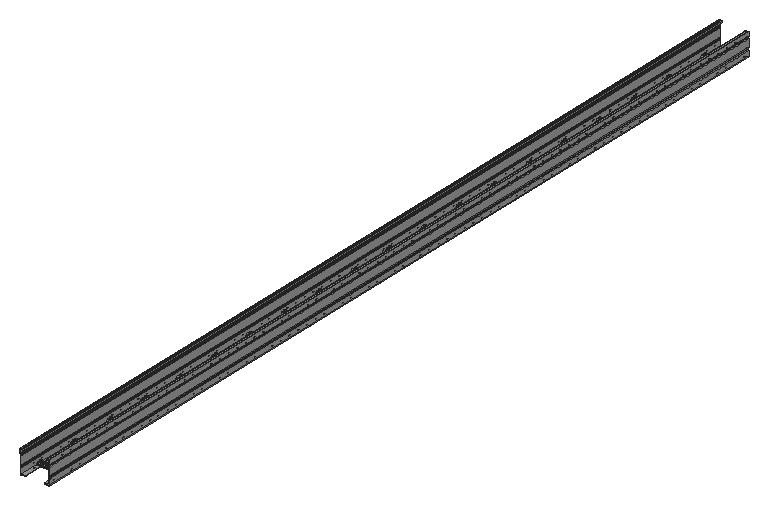
Revit family "Weitspannkabelleiter WKLG1620 FT,FS FT SO A4.23.08", category Generic Models, Revit 2017
Family settings
  Can host rebar = No
  Round Connector Dimension = Use Diameter
  Part Type = Normal
  Work Plane-Based = No
  Always vertical = Yes
  Cut with Voids When Loaded = No
  Shared = No
  Room Calculation Point = No
Parameters (values of type "WKLG 1620 FT SO")
  Width/2 = 200 mm / 2  # 100 mm
  Width = 200 mm
  URL = "http://www.obo-bettermann.com"
  Material = Hot-dip galvanised 85 µm
  Manufacturer Art.No. = "7189040"
  Manufacturer = "OBO Bettermann"
  Length = 6000 mm
  Height = 160 mm
  GTIN = "4012195888529"
  Cut's space 3 = 1500 mm
  Cut's space 2 = 300 mm
  Cut's space = 75 mm
  Cut's number 3 = Length / Cut's space 3  # 4
  Cut's number 2 = Length / Cut's space 2  # 20
  Cut's number = Length / Cut's space  # 80
  Article Type = "WKLG 1620 FT SO"
Reference planes
  plane 1 "Center (Front/Back)": y = 0
  plane 2: z = 0
  plane 3 "Center (Left/Right)": x = 0
  plane 4: z = 52
  plane 5: z = 160
  plane 6: z = 122
  plane 7: z = 116
  plane 8: z = 128
  plane 9: z = 150
  plane 10: z = 122
  plane 11: z = 128
  plane 12: z = 116
  plane 13: z = 58.86
  plane 14: z = 52
  plane 15: z = 43.021
  plane 16: z = 150
  plane 17: y = 37.5
  plane 18: z = 20
  plane 19: z = 139.856
  plane 20: z = 159.856
  plane 21: z = 135.356
  plane 22: y = 5850
  plane 23: y = 5550
  plane 24: y = 150
  plane 25: y = 450
  plane 26: z = 18
  plane 27: z = 4.03
  plane 28: z = 18
  plane 29: z = 4.03
  plane 30: y = 100.291
  plane 31: y = 150.291
  plane 32: x = -82
  plane 33: x = -82
  plane 34: x = -84.5
  plane 35: x = -84.5
  plane 36: y = 102.773
  plane 37: y = 97.809
  plane 38: x = -79.5
  plane 39: y = 200.291
  plane 40: x = -84.5
  plane 41: x = -84.5
  plane 42: x = -84.5
  plane 43: x = -84.5
  plane 44: x = -84.5
  plane 45: x = -84.5
  plane 46: x = -84.5
  plane 47: x = -84.5
  plane 48: x = -84.5
  plane 49: x = -84.5
  plane 50: x = -84.5
  plane 51: x = -84.5
  plane 52: x = -84.5
  plane 53: x = -84.5
  plane 54: x = -84.5
  plane 55: x = -84.5
  plane 56: x = -84.5
  plane 57: x = -84.5
  plane 58: x = -84.5
  plane 59: x = -82
  plane 60: x = -84.5
  plane 61: x = -84.5
  plane 62: x = -84.5
  plane 63: x = -84.5
  plane 64: x = -84.5
  plane 65: x = -84.5
  plane 66: x = -84.5
  plane 67: x = -84.5
  plane 68: x = -84.5
  plane 69: x = -84.5
  plane 70: x = -84.5
  plane 71: x = -84.5
  plane 72: x = -84.5
  plane 73: x = -84.5
  plane 74: x = -84.5
  plane 75: x = -84.5
  plane 76: x = -84.5
  plane 77: x = -84.5
  plane 78: x = -84.5
  plane 79: x = -84.5
  plane 80: x = 82
  plane 81: x = 82
  plane 82: x = -87.5
  plane 83: y = 150.291
  plane 84: y = 150.291
  plane 85: y = 149.896
  plane 86: x = 87.5
  plane 87: x = 84.75
  plane 88: x = 41.516
  plane 89: x = 57.5
  plane 90: x = -87.5
  plane 91: y = 149.896
  plane 92: x = -57.5
  plane 93: x = -84.7
  plane 94: through (-60.898, 150, 1200) normal (-0.9962, 0.0872, 0)
  plane 95: z = 18
  plane 96: z = 4.03
  plane 97: y = 450
  plane 98: z = 18
  plane 99: z = 4.03
  plane 100: y = 449.896
  plane 101: x = 87.5
  plane 102: x = 57.5
  plane 103: y = 449.896
  plane 104: x = -57.5
  plane 105: y = 750
  plane 106: z = 18
  plane 107: z = 4.03
  plane 108: y = 749.896
  plane 109: x = 87.5
  plane 110: x = 57.5
  plane 111: y = 749.896
  plane 112: x = -57.5
  plane 113: y = 1050
  plane 114: z = 18
  plane 115: z = 4.03
  plane 116: y = 1049.896
  plane 117: x = 87.5
  plane 118: x = 57.5
  plane 119: y = 1049.896
  plane 120: x = -57.5
  plane 121: y = 1350
  plane 122: z = 18
  plane 123: z = 4.03
  plane 124: y = 1349.896
  plane 125: x = 87.5
  plane 126: x = 57.5
  plane 127: y = 1349.896
  plane 128: x = -57.5
  plane 129: y = 1650
  plane 130: z = 18
  plane 131: z = 4.03
  plane 132: y = 1649.896
  plane 133: x = 87.5
  plane 134: x = 57.5
  plane 135: y = 1649.896
  plane 136: x = -57.5
  plane 137: y = 1950
  plane 138: z = 18
  plane 139: z = 4.03
  plane 140: y = 1949.896
  plane 141: x = 87.5
  plane 142: x = 57.5
  plane 143: y = 1949.896
  plane 144: x = -57.5
  plane 145: y = 2250
  plane 146: z = 18
  plane 147: z = 4.03
  plane 148: y = 2249.896
  plane 149: x = 87.5
  plane 150: x = 57.5
  plane 151: y = 2249.896
  plane 152: x = -57.5
  plane 153: y = 2550
  plane 154: z = 18
  plane 155: z = 4.03
  plane 156: y = 2549.896
  plane 157: x = 87.5
  plane 158: x = 57.5
  plane 159: y = 2549.896
  plane 160: x = -57.5
  plane 161: y = 2850
  plane 162: z = 18
  plane 163: z = 4.03
  plane 164: y = 2849.896
  plane 165: x = 87.5
  plane 166: x = 57.5
  plane 167: y = 2849.896
  plane 168: x = -57.5
  plane 169: y = 3150
  plane 170: z = 18
  plane 171: z = 4.03
  plane 172: y = 3149.896
  plane 173: x = 87.5
  plane 174: x = 57.5
  plane 175: y = 3149.896
  plane 176: x = -57.5
  plane 177: y = 3450
  plane 178: z = 18
  plane 179: z = 4.03
  plane 180: y = 3449.896
  plane 181: x = 87.5
  plane 182: x = 57.5
  plane 183: y = 3449.896
  plane 184: x = -57.5
  plane 185: y = 3750
  plane 186: z = 18
  plane 187: z = 4.03
  plane 188: y = 3749.896
  plane 189: x = 87.5
  plane 190: x = 57.5
  plane 191: y = 3749.896
  plane 192: x = -57.5
  plane 193: y = 4050
  plane 194: z = 18
  plane 195: z = 4.03
  plane 196: y = 4049.896
  plane 197: x = 87.5
  plane 198: x = 57.5
  plane 199: y = 4049.896
  plane 200: x = -57.5
  plane 201: y = 4350
  plane 202: z = 18
  plane 203: z = 4.03
  plane 204: y = 4349.896
  plane 205: x = 87.5
  plane 206: x = 57.5
  plane 207: y = 4349.896
  plane 208: x = -57.5
  plane 209: y = 4650
  plane 210: z = 18
  plane 211: z = 4.03
  plane 212: y = 4649.896
  plane 213: x = 87.5
  plane 214: x = 57.5
  plane 215: y = 4649.896
  plane 216: x = -57.5
  plane 217: y = 4950
  plane 218: z = 18
  plane 219: z = 4.03
  plane 220: y = 4949.896
  plane 221: x = 87.5
  plane 222: x = 57.5
  plane 223: y = 4949.896
  plane 224: x = -57.5
  plane 225: y = 5250
  plane 226: z = 18
  plane 227: z = 4.03
  plane 228: y = 5249.896
  plane 229: x = 87.5
  plane 230: x = 57.5
  plane 231: y = 5249.896
  plane 232: x = -57.5
  plane 233: y = 5550
  plane 234: z = 18
  plane 235: z = 4.03
  plane 236: y = 5549.896
  plane 237: x = 87.5
  plane 238: x = 57.5
  plane 239: y = 5549.896
  plane 240: x = -57.5
  plane 241: y = 5850
  plane 242: z = 18
  plane 243: z = 4.03
  plane 244: y = 5849.896
  plane 245: x = 87.5
  plane 246: x = 57.5
  plane 247: y = 5849.896
  plane 248: x = -57.5
  plane 249: x = 99.732
  plane 250: x = 86.232
  plane 251: y = 1000.291
  plane 252: y = 1011.291
  plane 253: y = 489.291
  plane 254: y = 500.291
  plane 255: y = 494.522
  plane 256: through (-84.258, 999.219, 1200) normal (-0.4288, 0.9034, 0)
  plane 257: through (-95.865, 1008.212, 1200) normal (-0.3907, 0.9205, 0)
  plane 258: through (66.393, 480.272, 1200) normal (-0.4242, 0.9056, 0)
  plane 259: through (80, 498.791, 1200) normal (-0.4242, 0.9056, 0)
  plane 260: through (67.531, 486.014, 1200) normal (-0.4695, 0.8829, 0)
  plane 261: y = 2070.793
  plane 262: x = 99.732
  plane 263: x = 86.232
  plane 264: y = 2504.764
  plane 265: y = 2515.764
  plane 266: y = 1993.764
  plane 267: y = 2004.764
  plane 268: y = 1998.995
  plane 269: x = 99.732
  plane 270: x = 86.232
  plane 271: y = 4009.237
  plane 272: y = 4020.237
  plane 273: y = 3498.237
  plane 274: y = 3509.237
  plane 275: y = 3503.468
  plane 276: x = 99.732
  plane 277: x = 86.232
  plane 278: y = 5513.71
  plane 279: y = 5524.71
  plane 280: y = 5002.71
  plane 281: y = 5013.71
  plane 282: y = 5007.941
  plane 283: through (-84.258, 2499.219, 1200) normal (-0.4288, 0.9034, 0)
  plane 284: through (-95.865, 2508.212, 1200) normal (-0.3907, 0.9205, 0)
  plane 285: through (66.393, 1980.272, 1200) normal (-0.4242, 0.9056, 0)
  plane 286: through (80, 1998.791, 1200) normal (-0.4242, 0.9056, 0)
  plane 287: through (67.531, 1986.014, 1200) normal (-0.4695, 0.8829, 0)
  plane 288: through (-84.258, 3999.219, 1200) normal (-0.4288, 0.9034, 0)
  plane 289: through (-95.865, 4008.212, 1200) normal (-0.3907, 0.9205, 0)
  plane 290: through (66.393, 3480.272, 1200) normal (-0.4242, 0.9056, 0)
  plane 291: through (80, 3498.791, 1200) normal (-0.4242, 0.9056, 0)
  plane 292: through (67.531, 3486.014, 1200) normal (-0.4695, 0.8829, 0)
  plane 293: through (-84.258, 5499.219, 1200) normal (-0.4288, 0.9034, 0)
  plane 294: through (-95.865, 5508.212, 1200) normal (-0.3907, 0.9205, 0)
  plane 295: through (66.393, 4980.272, 1200) normal (-0.4242, 0.9056, 0)
  plane 296: through (80, 4998.791, 1200) normal (-0.4242, 0.9056, 0)
  plane 297: through (67.531, 4986.014, 1200) normal (-0.4695, 0.8829, 0)
Forms (mm)
  Extrusion 1, solid, material "Hot-dip galvanised 85 µm" <- "Material"
    sketch origin (0, 0, 0) x (1, 0, 0) y (0, 0, 1)
      loop
        line (97.5, 160) -> (82.5, 160)
        arc (82.5, 160) -> (80.732, 159.268) -> (80, 157.5) r 2.5
        line (80, 157.5) -> (80, 150) -> (82, 150) -> (82, 157.5)
        arc (82, 157.5) -> (82.146, 157.854) -> (82.5, 158) r 0.5
        line (82.5, 158) -> (96.5, 158)
        arc (96.5, 158) -> (97.561, 157.561) -> (98, 156.5) r 1.5
        line (98, 156.5) -> (98, 129.38)
        arc (98, 129.38) -> (97.932, 128.862) -> (97.732, 128.38) r 2
        line (97.732, 128.38) -> (95.247, 124.076)
        arc (95.247, 124.076) -> (94.793, 121.794) -> (95.823, 119.707) r 3.619
        line (95.823, 119.707) -> (97.561, 117.969)
        arc (97.561, 117.969) -> (97.886, 117.482) -> (98, 116.908) r 1.5
        line (98, 116.908) -> (98, 59.333)
        arc (98, 59.333) -> (97.931, 58.882) -> (97.729, 58.472) r 1.5
        line (97.729, 58.472) -> (95.664, 55.524)
        arc (95.664, 55.524) -> (94.411, 51.927) -> (95.226, 48.207) r 7
        line (95.226, 48.207) -> (97.586, 43.795)
        arc (97.586, 43.795) -> (97.895, 42.995) -> (98, 42.144) r 3.5
        line (98, 42.144) -> (98, 3.5)
        arc (98, 3.5) -> (97.561, 2.439) -> (96.5, 2) r 1.5
        line (96.5, 2) -> (65, 2) -> (65, 0) -> (97, 0)
        arc (97, 0) -> (99.121, 0.879) -> (100, 3) r 3
        line (100, 3) -> (100, 42.896)
        arc (100, 42.896) -> (99.925, 43.504) -> (99.704, 44.075) r 2.5
        line (99.704, 44.075) -> (96.989, 49.15)
        arc (96.989, 49.15) -> (96.407, 51.808) -> (97.302, 54.377) r 5
        line (97.302, 54.377) -> (99.367, 57.325)
        arc (99.367, 57.325) -> (99.838, 58.28) -> (100, 59.333) r 3.5
        line (100, 59.333) -> (100, 116.908)
        arc (100, 116.908) -> (99.734, 118.248) -> (98.975, 119.383) r 3.5
        line (98.975, 119.383) -> (97.237, 121.121)
        arc (97.237, 121.121) -> (96.776, 122.055) -> (96.979, 123.076) r 1.619
        line (96.979, 123.076) -> (99.464, 127.38)
        arc (99.464, 127.38) -> (99.864, 128.344) -> (100, 129.38) r 4
        line (100, 129.38) -> (100, 157.5)
        arc (100, 157.5) -> (99.268, 159.268) -> (97.5, 160) r 2.5
      loop
        arc (-98, 156.5) -> (-97.561, 157.561) -> (-96.5, 158) r 1.5
        line (-96.5, 158) -> (-82.5, 158)
        arc (-82.5, 158) -> (-82.146, 157.854) -> (-82, 157.5) r 0.5
        line (-82, 157.5) -> (-82, 150) -> (-80, 150) -> (-80, 157.5)
        arc (-80, 157.5) -> (-80.732, 159.268) -> (-82.5, 160) r 2.5
        line (-82.5, 160) -> (-97.5, 160)
        arc (-97.5, 160) -> (-99.268, 159.268) -> (-100, 157.5) r 2.5
        line (-100, 157.5) -> (-100, 129.154)
        arc (-100, 129.154) -> (-99.905, 128.288) -> (-99.625, 127.463) r 4
        line (-99.625, 127.463) -> (-97.476, 122.853)
        arc (-97.476, 122.853) -> (-97.327, 122.107) -> (-97.54, 121.377) r 1.6
        line (-97.54, 121.377) -> (-98.255, 120.138)
        arc (-98.255, 120.138) -> (-99.183, 117.897) -> (-99.5, 115.493) r 9.291
        line (-99.5, 115.493) -> (-99.5, 59.834)
        arc (-99.5, 59.834) -> (-99.381, 58.928) -> (-99.031, 58.084) r 3.5
        line (-99.031, 58.084) -> (-96.881, 54.36)
        arc (-96.881, 54.36) -> (-96.22, 52.16) -> (-96.614, 49.896) r 5
        line (-96.614, 49.896) -> (-99.299, 43.611)
        arc (-99.299, 43.611) -> (-99.449, 43.13) -> (-99.5, 42.628) r 2.5
        line (-99.5, 42.628) -> (-99.5, 3)
        arc (-99.5, 3) -> (-98.621, 0.879) -> (-96.5, 0) r 3
        line (-96.5, 0) -> (-64.5, 0) -> (-64.5, 2) -> (-96, 2)
        arc (-96, 2) -> (-97.061, 2.439) -> (-97.5, 3.5) r 1.5
        line (-97.5, 3.5) -> (-97.5, 42.014)
        arc (-97.5, 42.014) -> (-97.429, 42.716) -> (-97.219, 43.39) r 3.5
        line (-97.219, 43.39) -> (-94.915, 48.781)
        arc (-94.915, 48.781) -> (-94.364, 51.951) -> (-95.29, 55.031) r 7
        line (-95.29, 55.031) -> (-97.299, 58.512)
        arc (-97.299, 58.512) -> (-97.449, 58.873) -> (-97.5, 59.262) r 1.5
        line (-97.5, 59.262) -> (-97.5, 115.493)
        arc (-97.5, 115.493) -> (-97.252, 117.38) -> (-96.523, 119.138) r 7.291
        line (-96.523, 119.138) -> (-95.808, 120.377)
        arc (-95.808, 120.377) -> (-95.329, 122.02) -> (-95.663, 123.698) r 3.6
        line (-95.663, 123.698) -> (-97.813, 128.308)
        arc (-97.813, 128.308) -> (-97.953, 128.721) -> (-98, 129.154) r 2
        line (-98, 129.154) -> (-98, 156.5)
    from -6000 to 0
  Extrusion 2, void
    sketch origin (0, 0, 0) x (0, 1, 0) y (0, 0, 1)
      loop
        arc (25.938, 24.5) -> (25.275, 24.225) -> (25, 23.562) r 0.938
        line (25, 23.562) -> (25, 16.438)
        arc (25, 16.438) -> (25.275, 15.775) -> (25.938, 15.5) r 0.938
        line (25.938, 15.5) -> (49.5, 15.5)
        arc (49.5, 15.5) -> (49.854, 15.646) -> (50, 16) r 0.5
        line (50, 16) -> (50, 24)
        arc (50, 24) -> (49.854, 24.354) -> (49.5, 24.5) r 0.5
        line (49.5, 24.5) -> (25.938, 24.5)
    from 98 to 100
  Extrusion 3, void
    sketch origin (0, 75, 0) x (0, 1, 0) y (0, 0, 1)
      loop
        arc (25.938, 24.5) -> (25.275, 24.225) -> (25, 23.562) r 0.938
        line (25, 23.562) -> (25, 16.438)
        arc (25, 16.438) -> (25.275, 15.775) -> (25.938, 15.5) r 0.938
        line (25.938, 15.5) -> (49.5, 15.5)
        arc (49.5, 15.5) -> (49.854, 15.646) -> (50, 16) r 0.5
        line (50, 16) -> (50, 24)
        arc (50, 24) -> (49.854, 24.354) -> (49.5, 24.5) r 0.5
        line (49.5, 24.5) -> (25.938, 24.5)
    from 98 to 100
  Extrusion 4, void
    sketch origin (0, 150, 0) x (0, 1, 0) y (0, 0, 1)
      loop
        arc (25.938, 24.5) -> (25.275, 24.225) -> (25, 23.562) r 0.938
        line (25, 23.562) -> (25, 16.438)
        arc (25, 16.438) -> (25.275, 15.775) -> (25.938, 15.5) r 0.938
        line (25.938, 15.5) -> (49.5, 15.5)
        arc (49.5, 15.5) -> (49.854, 15.646) -> (50, 16) r 0.5
        line (50, 16) -> (50, 24)
        arc (50, 24) -> (49.854, 24.354) -> (49.5, 24.5) r 0.5
        line (49.5, 24.5) -> (25.938, 24.5)
    from 98 to 100
  Extrusion 5, void
    sketch origin (0, 225, 0) x (0, 1, 0) y (0, 0, 1)
      loop
        arc (25.938, 24.5) -> (25.275, 24.225) -> (25, 23.562) r 0.938
        line (25, 23.562) -> (25, 16.438)
        arc (25, 16.438) -> (25.275, 15.775) -> (25.938, 15.5) r 0.938
        line (25.938, 15.5) -> (49.5, 15.5)
        arc (49.5, 15.5) -> (49.854, 15.646) -> (50, 16) r 0.5
        line (50, 16) -> (50, 24)
        arc (50, 24) -> (49.854, 24.354) -> (49.5, 24.5) r 0.5
        line (49.5, 24.5) -> (25.938, 24.5)
    from 98 to 100
  Extrusion 6, void
    sketch origin (0, 300, 0) x (0, 1, 0) y (0, 0, 1)
      loop
        arc (25.938, 24.5) -> (25.275, 24.225) -> (25, 23.562) r 0.938
        line (25, 23.562) -> (25, 16.438)
        arc (25, 16.438) -> (25.275, 15.775) -> (25.938, 15.5) r 0.938
        line (25.938, 15.5) -> (49.5, 15.5)
        arc (49.5, 15.5) -> (49.854, 15.646) -> (50, 16) r 0.5
        line (50, 16) -> (50, 24)
        arc (50, 24) -> (49.854, 24.354) -> (49.5, 24.5) r 0.5
        line (49.5, 24.5) -> (25.938, 24.5)
    from 98 to 100
  Extrusion 7, void
    sketch origin (0, 375, 0) x (0, 1, 0) y (0, 0, 1)
      loop
        arc (25.938, 24.5) -> (25.275, 24.225) -> (25, 23.562) r 0.938
        line (25, 23.562) -> (25, 16.438)
        arc (25, 16.438) -> (25.275, 15.775) -> (25.938, 15.5) r 0.938
        line (25.938, 15.5) -> (49.5, 15.5)
        arc (49.5, 15.5) -> (49.854, 15.646) -> (50, 16) r 0.5
        line (50, 16) -> (50, 24)
        arc (50, 24) -> (49.854, 24.354) -> (49.5, 24.5) r 0.5
        line (49.5, 24.5) -> (25.938, 24.5)
    from 98 to 100
  Extrusion 8, void
    sketch origin (0, 450, 0) x (0, 1, 0) y (0, 0, 1)
      loop
        arc (25.938, 24.5) -> (25.275, 24.225) -> (25, 23.562) r 0.938
        line (25, 23.562) -> (25, 16.438)
        arc (25, 16.438) -> (25.275, 15.775) -> (25.938, 15.5) r 0.938
        line (25.938, 15.5) -> (49.5, 15.5)
        arc (49.5, 15.5) -> (49.854, 15.646) -> (50, 16) r 0.5
        line (50, 16) -> (50, 24)
        arc (50, 24) -> (49.854, 24.354) -> (49.5, 24.5) r 0.5
        line (49.5, 24.5) -> (25.938, 24.5)
    from 98 to 100
  Extrusion 9, void
    sketch origin (0, 525, 0) x (0, 1, 0) y (0, 0, 1)
      loop
        arc (25.938, 24.5) -> (25.275, 24.225) -> (25, 23.562) r 0.938
        line (25, 23.562) -> (25, 16.438)
        arc (25, 16.438) -> (25.275, 15.775) -> (25.938, 15.5) r 0.938
        line (25.938, 15.5) -> (49.5, 15.5)
        arc (49.5, 15.5) -> (49.854, 15.646) -> (50, 16) r 0.5
        line (50, 16) -> (50, 24)
        arc (50, 24) -> (49.854, 24.354) -> (49.5, 24.5) r 0.5
        line (49.5, 24.5) -> (25.938, 24.5)
    from 98 to 100
  Extrusion 10, void
    sketch origin (0, 600, 0) x (0, 1, 0) y (0, 0, 1)
      loop
        arc (25.938, 24.5) -> (25.275, 24.225) -> (25, 23.562) r 0.938
        line (25, 23.562) -> (25, 16.438)
        arc (25, 16.438) -> (25.275, 15.775) -> (25.938, 15.5) r 0.938
        line (25.938, 15.5) -> (49.5, 15.5)
        arc (49.5, 15.5) -> (49.854, 15.646) -> (50, 16) r 0.5
        line (50, 16) -> (50, 24)
        arc (50, 24) -> (49.854, 24.354) -> (49.5, 24.5) r 0.5
        line (49.5, 24.5) -> (25.938, 24.5)
    from 98 to 100
  Extrusion 11, void
    sketch origin (0, 675, 0) x (0, 1, 0) y (0, 0, 1)
      loop
        arc (25.938, 24.5) -> (25.275, 24.225) -> (25, 23.562) r 0.938
        line (25, 23.562) -> (25, 16.438)
        arc (25, 16.438) -> (25.275, 15.775) -> (25.938, 15.5) r 0.938
        line (25.938, 15.5) -> (49.5, 15.5)
        arc (49.5, 15.5) -> (49.854, 15.646) -> (50, 16) r 0.5
        line (50, 16) -> (50, 24)
        arc (50, 24) -> (49.854, 24.354) -> (49.5, 24.5) r 0.5
        line (49.5, 24.5) -> (25.938, 24.5)
    from 98 to 100
  Extrusion 12, void
    sketch origin (0, 750, 0) x (0, 1, 0) y (0, 0, 1)
      loop
        arc (25.938, 24.5) -> (25.275, 24.225) -> (25, 23.562) r 0.938
        line (25, 23.562) -> (25, 16.438)
        arc (25, 16.438) -> (25.275, 15.775) -> (25.938, 15.5) r 0.938
        line (25.938, 15.5) -> (49.5, 15.5)
        arc (49.5, 15.5) -> (49.854, 15.646) -> (50, 16) r 0.5
        line (50, 16) -> (50, 24)
        arc (50, 24) -> (49.854, 24.354) -> (49.5, 24.5) r 0.5
        line (49.5, 24.5) -> (25.938, 24.5)
    from 98 to 100
  Extrusion 13, void
    sketch origin (0, 825, 0) x (0, 1, 0) y (0, 0, 1)
      loop
        arc (25.938, 24.5) -> (25.275, 24.225) -> (25, 23.562) r 0.938
        line (25, 23.562) -> (25, 16.438)
        arc (25, 16.438) -> (25.275, 15.775) -> (25.938, 15.5) r 0.938
        line (25.938, 15.5) -> (49.5, 15.5)
        arc (49.5, 15.5) -> (49.854, 15.646) -> (50, 16) r 0.5
        line (50, 16) -> (50, 24)
        arc (50, 24) -> (49.854, 24.354) -> (49.5, 24.5) r 0.5
        line (49.5, 24.5) -> (25.938, 24.5)
    from 98 to 100
  Extrusion 14, void
    sketch origin (0, 900, 0) x (0, 1, 0) y (0, 0, 1)
      loop
        arc (25.938, 24.5) -> (25.275, 24.225) -> (25, 23.562) r 0.938
        line (25, 23.562) -> (25, 16.438)
        arc (25, 16.438) -> (25.275, 15.775) -> (25.938, 15.5) r 0.938
        line (25.938, 15.5) -> (49.5, 15.5)
        arc (49.5, 15.5) -> (49.854, 15.646) -> (50, 16) r 0.5
        line (50, 16) -> (50, 24)
        arc (50, 24) -> (49.854, 24.354) -> (49.5, 24.5) r 0.5
        line (49.5, 24.5) -> (25.938, 24.5)
    from 98 to 100
  Extrusion 15, void
    sketch origin (0, 975, 0) x (0, 1, 0) y (0, 0, 1)
      loop
        arc (25.938, 24.5) -> (25.275, 24.225) -> (25, 23.562) r 0.938
        line (25, 23.562) -> (25, 16.438)
        arc (25, 16.438) -> (25.275, 15.775) -> (25.938, 15.5) r 0.938
        line (25.938, 15.5) -> (49.5, 15.5)
        arc (49.5, 15.5) -> (49.854, 15.646) -> (50, 16) r 0.5
        line (50, 16) -> (50, 24)
        arc (50, 24) -> (49.854, 24.354) -> (49.5, 24.5) r 0.5
        line (49.5, 24.5) -> (25.938, 24.5)
    from 98 to 100
  Extrusion 16, void
    sketch origin (0, 1050, 0) x (0, 1, 0) y (0, 0, 1)
      loop
        arc (25.938, 24.5) -> (25.275, 24.225) -> (25, 23.562) r 0.938
        line (25, 23.562) -> (25, 16.438)
        arc (25, 16.438) -> (25.275, 15.775) -> (25.938, 15.5) r 0.938
        line (25.938, 15.5) -> (49.5, 15.5)
        arc (49.5, 15.5) -> (49.854, 15.646) -> (50, 16) r 0.5
        line (50, 16) -> (50, 24)
        arc (50, 24) -> (49.854, 24.354) -> (49.5, 24.5) r 0.5
        line (49.5, 24.5) -> (25.938, 24.5)
    from 98 to 100
  Extrusion 17, void
    sketch origin (0, 1125, 0) x (0, 1, 0) y (0, 0, 1)
      loop
        arc (25.938, 24.5) -> (25.275, 24.225) -> (25, 23.562) r 0.938
        line (25, 23.562) -> (25, 16.438)
        arc (25, 16.438) -> (25.275, 15.775) -> (25.938, 15.5) r 0.938
        line (25.938, 15.5) -> (49.5, 15.5)
        arc (49.5, 15.5) -> (49.854, 15.646) -> (50, 16) r 0.5
        line (50, 16) -> (50, 24)
        arc (50, 24) -> (49.854, 24.354) -> (49.5, 24.5) r 0.5
        line (49.5, 24.5) -> (25.938, 24.5)
    from 98 to 100
  Extrusion 18, void
    sketch origin (0, 1200, 0) x (0, 1, 0) y (0, 0, 1)
      loop
        arc (25.938, 24.5) -> (25.275, 24.225) -> (25, 23.562) r 0.938
        line (25, 23.562) -> (25, 16.438)
        arc (25, 16.438) -> (25.275, 15.775) -> (25.938, 15.5) r 0.938
        line (25.938, 15.5) -> (49.5, 15.5)
        arc (49.5, 15.5) -> (49.854, 15.646) -> (50, 16) r 0.5
        line (50, 16) -> (50, 24)
        arc (50, 24) -> (49.854, 24.354) -> (49.5, 24.5) r 0.5
        line (49.5, 24.5) -> (25.938, 24.5)
    from 98 to 100
  Extrusion 19, void
    sketch origin (0, 1275, 0) x (0, 1, 0) y (0, 0, 1)
      loop
        arc (25.938, 24.5) -> (25.275, 24.225) -> (25, 23.562) r 0.938
        line (25, 23.562) -> (25, 16.438)
        arc (25, 16.438) -> (25.275, 15.775) -> (25.938, 15.5) r 0.938
        line (25.938, 15.5) -> (49.5, 15.5)
        arc (49.5, 15.5) -> (49.854, 15.646) -> (50, 16) r 0.5
        line (50, 16) -> (50, 24)
        arc (50, 24) -> (49.854, 24.354) -> (49.5, 24.5) r 0.5
        line (49.5, 24.5) -> (25.938, 24.5)
    from 98 to 100
  Extrusion 20, void
    sketch origin (0, 1350, 0) x (0, 1, 0) y (0, 0, 1)
      loop
        arc (25.938, 24.5) -> (25.275, 24.225) -> (25, 23.562) r 0.938
        line (25, 23.562) -> (25, 16.438)
        arc (25, 16.438) -> (25.275, 15.775) -> (25.938, 15.5) r 0.938
        line (25.938, 15.5) -> (49.5, 15.5)
        arc (49.5, 15.5) -> (49.854, 15.646) -> (50, 16) r 0.5
        line (50, 16) -> (50, 24)
        arc (50, 24) -> (49.854, 24.354) -> (49.5, 24.5) r 0.5
        line (49.5, 24.5) -> (25.938, 24.5)
    from 98 to 100
  Extrusion 21, void
    sketch origin (0, 1425, 0) x (0, 1, 0) y (0, 0, 1)
      loop
        arc (25.938, 24.5) -> (25.275, 24.225) -> (25, 23.562) r 0.938
        line (25, 23.562) -> (25, 16.438)
        arc (25, 16.438) -> (25.275, 15.775) -> (25.938, 15.5) r 0.938
        line (25.938, 15.5) -> (49.5, 15.5)
        arc (49.5, 15.5) -> (49.854, 15.646) -> (50, 16) r 0.5
        line (50, 16) -> (50, 24)
        arc (50, 24) -> (49.854, 24.354) -> (49.5, 24.5) r 0.5
        line (49.5, 24.5) -> (25.938, 24.5)
    from 98 to 100
  Extrusion 22, void
    sketch origin (0, 1500, 0) x (0, 1, 0) y (0, 0, 1)
      loop
        arc (25.938, 24.5) -> (25.275, 24.225) -> (25, 23.562) r 0.938
        line (25, 23.562) -> (25, 16.438)
        arc (25, 16.438) -> (25.275, 15.775) -> (25.938, 15.5) r 0.938
        line (25.938, 15.5) -> (49.5, 15.5)
        arc (49.5, 15.5) -> (49.854, 15.646) -> (50, 16) r 0.5
        line (50, 16) -> (50, 24)
        arc (50, 24) -> (49.854, 24.354) -> (49.5, 24.5) r 0.5
        line (49.5, 24.5) -> (25.938, 24.5)
    from 98 to 100
  Extrusion 23, void
    sketch origin (0, 1575, 0) x (0, 1, 0) y (0, 0, 1)
      loop
        arc (25.938, 24.5) -> (25.275, 24.225) -> (25, 23.562) r 0.938
        line (25, 23.562) -> (25, 16.438)
        arc (25, 16.438) -> (25.275, 15.775) -> (25.938, 15.5) r 0.938
        line (25.938, 15.5) -> (49.5, 15.5)
        arc (49.5, 15.5) -> (49.854, 15.646) -> (50, 16) r 0.5
        line (50, 16) -> (50, 24)
        arc (50, 24) -> (49.854, 24.354) -> (49.5, 24.5) r 0.5
        line (49.5, 24.5) -> (25.938, 24.5)
    from 98 to 100
  Extrusion 24, void
    sketch origin (0, 1650, 0) x (0, 1, 0) y (0, 0, 1)
      loop
        arc (25.938, 24.5) -> (25.275, 24.225) -> (25, 23.562) r 0.938
        line (25, 23.562) -> (25, 16.438)
        arc (25, 16.438) -> (25.275, 15.775) -> (25.938, 15.5) r 0.938
        line (25.938, 15.5) -> (49.5, 15.5)
        arc (49.5, 15.5) -> (49.854, 15.646) -> (50, 16) r 0.5
        line (50, 16) -> (50, 24)
        arc (50, 24) -> (49.854, 24.354) -> (49.5, 24.5) r 0.5
        line (49.5, 24.5) -> (25.938, 24.5)
    from 98 to 100
  Extrusion 25, void
    sketch origin (0, 1725, 0) x (0, 1, 0) y (0, 0, 1)
      loop
        arc (25.938, 24.5) -> (25.275, 24.225) -> (25, 23.562) r 0.938
        line (25, 23.562) -> (25, 16.438)
        arc (25, 16.438) -> (25.275, 15.775) -> (25.938, 15.5) r 0.938
        line (25.938, 15.5) -> (49.5, 15.5)
        arc (49.5, 15.5) -> (49.854, 15.646) -> (50, 16) r 0.5
        line (50, 16) -> (50, 24)
        arc (50, 24) -> (49.854, 24.354) -> (49.5, 24.5) r 0.5
        line (49.5, 24.5) -> (25.938, 24.5)
    from 98 to 100
  Extrusion 26, void
    sketch origin (0, 1800, 0) x (0, 1, 0) y (0, 0, 1)
      loop
        arc (25.938, 24.5) -> (25.275, 24.225) -> (25, 23.562) r 0.938
        line (25, 23.562) -> (25, 16.438)
        arc (25, 16.438) -> (25.275, 15.775) -> (25.938, 15.5) r 0.938
        line (25.938, 15.5) -> (49.5, 15.5)
        arc (49.5, 15.5) -> (49.854, 15.646) -> (50, 16) r 0.5
        line (50, 16) -> (50, 24)
        arc (50, 24) -> (49.854, 24.354) -> (49.5, 24.5) r 0.5
        line (49.5, 24.5) -> (25.938, 24.5)
    from 98 to 100
  Extrusion 27, void
    sketch origin (0, 1875, 0) x (0, 1, 0) y (0, 0, 1)
      loop
        arc (25.938, 24.5) -> (25.275, 24.225) -> (25, 23.562) r 0.938
        line (25, 23.562) -> (25, 16.438)
        arc (25, 16.438) -> (25.275, 15.775) -> (25.938, 15.5) r 0.938
        line (25.938, 15.5) -> (49.5, 15.5)
        arc (49.5, 15.5) -> (49.854, 15.646) -> (50, 16) r 0.5
        line (50, 16) -> (50, 24)
        arc (50, 24) -> (49.854, 24.354) -> (49.5, 24.5) r 0.5
        line (49.5, 24.5) -> (25.938, 24.5)
    from 98 to 100
  Extrusion 28, void
    sketch origin (0, 1950, 0) x (0, 1, 0) y (0, 0, 1)
      loop
        arc (25.938, 24.5) -> (25.275, 24.225) -> (25, 23.562) r 0.938
        line (25, 23.562) -> (25, 16.438)
        arc (25, 16.438) -> (25.275, 15.775) -> (25.938, 15.5) r 0.938
        line (25.938, 15.5) -> (49.5, 15.5)
        arc (49.5, 15.5) -> (49.854, 15.646) -> (50, 16) r 0.5
        line (50, 16) -> (50, 24)
        arc (50, 24) -> (49.854, 24.354) -> (49.5, 24.5) r 0.5
        line (49.5, 24.5) -> (25.938, 24.5)
    from 98 to 100
  Extrusion 29, void
    sketch origin (0, 2025, 0) x (0, 1, 0) y (0, 0, 1)
      loop
        arc (25.938, 24.5) -> (25.275, 24.225) -> (25, 23.562) r 0.938
        line (25, 23.562) -> (25, 16.438)
        arc (25, 16.438) -> (25.275, 15.775) -> (25.938, 15.5) r 0.938
        line (25.938, 15.5) -> (49.5, 15.5)
        arc (49.5, 15.5) -> (49.854, 15.646) -> (50, 16) r 0.5
        line (50, 16) -> (50, 24)
        arc (50, 24) -> (49.854, 24.354) -> (49.5, 24.5) r 0.5
        line (49.5, 24.5) -> (25.938, 24.5)
    from 98 to 100
  Extrusion 30, void
    sketch origin (0, 2100, 0) x (0, 1, 0) y (0, 0, 1)
      loop
        arc (25.938, 24.5) -> (25.275, 24.225) -> (25, 23.562) r 0.938
        line (25, 23.562) -> (25, 16.438)
        arc (25, 16.438) -> (25.275, 15.775) -> (25.938, 15.5) r 0.938
        line (25.938, 15.5) -> (49.5, 15.5)
        arc (49.5, 15.5) -> (49.854, 15.646) -> (50, 16) r 0.5
        line (50, 16) -> (50, 24)
        arc (50, 24) -> (49.854, 24.354) -> (49.5, 24.5) r 0.5
        line (49.5, 24.5) -> (25.938, 24.5)
    from 98 to 100
  Extrusion 31, void
    sketch origin (0, 2175, 0) x (0, 1, 0) y (0, 0, 1)
      loop
        arc (25.938, 24.5) -> (25.275, 24.225) -> (25, 23.562) r 0.938
        line (25, 23.562) -> (25, 16.438)
        arc (25, 16.438) -> (25.275, 15.775) -> (25.938, 15.5) r 0.938
        line (25.938, 15.5) -> (49.5, 15.5)
        arc (49.5, 15.5) -> (49.854, 15.646) -> (50, 16) r 0.5
        line (50, 16) -> (50, 24)
        arc (50, 24) -> (49.854, 24.354) -> (49.5, 24.5) r 0.5
        line (49.5, 24.5) -> (25.938, 24.5)
    from 98 to 100
  Extrusion 32, void
    sketch origin (0, 2250, 0) x (0, 1, 0) y (0, 0, 1)
      loop
        arc (25.938, 24.5) -> (25.275, 24.225) -> (25, 23.562) r 0.938
        line (25, 23.562) -> (25, 16.438)
        arc (25, 16.438) -> (25.275, 15.775) -> (25.938, 15.5) r 0.938
        line (25.938, 15.5) -> (49.5, 15.5)
        arc (49.5, 15.5) -> (49.854, 15.646) -> (50, 16) r 0.5
        line (50, 16) -> (50, 24)
        arc (50, 24) -> (49.854, 24.354) -> (49.5, 24.5) r 0.5
        line (49.5, 24.5) -> (25.938, 24.5)
    from 98 to 100
  Extrusion 33, void
    sketch origin (0, 2325, 0) x (0, 1, 0) y (0, 0, 1)
      loop
        arc (25.938, 24.5) -> (25.275, 24.225) -> (25, 23.562) r 0.938
        line (25, 23.562) -> (25, 16.438)
        arc (25, 16.438) -> (25.275, 15.775) -> (25.938, 15.5) r 0.938
        line (25.938, 15.5) -> (49.5, 15.5)
        arc (49.5, 15.5) -> (49.854, 15.646) -> (50, 16) r 0.5
        line (50, 16) -> (50, 24)
        arc (50, 24) -> (49.854, 24.354) -> (49.5, 24.5) r 0.5
        line (49.5, 24.5) -> (25.938, 24.5)
    from 98 to 100
  Extrusion 34, void
    sketch origin (0, 2400, 0) x (0, 1, 0) y (0, 0, 1)
      loop
        arc (25.938, 24.5) -> (25.275, 24.225) -> (25, 23.562) r 0.938
        line (25, 23.562) -> (25, 16.438)
        arc (25, 16.438) -> (25.275, 15.775) -> (25.938, 15.5) r 0.938
        line (25.938, 15.5) -> (49.5, 15.5)
        arc (49.5, 15.5) -> (49.854, 15.646) -> (50, 16) r 0.5
        line (50, 16) -> (50, 24)
        arc (50, 24) -> (49.854, 24.354) -> (49.5, 24.5) r 0.5
        line (49.5, 24.5) -> (25.938, 24.5)
    from 98 to 100
  Extrusion 35, void
    sketch origin (0, 2475, 0) x (0, 1, 0) y (0, 0, 1)
      loop
        arc (25.938, 24.5) -> (25.275, 24.225) -> (25, 23.562) r 0.938
        line (25, 23.562) -> (25, 16.438)
        arc (25, 16.438) -> (25.275, 15.775) -> (25.938, 15.5) r 0.938
        line (25.938, 15.5) -> (49.5, 15.5)
        arc (49.5, 15.5) -> (49.854, 15.646) -> (50, 16) r 0.5
        line (50, 16) -> (50, 24)
        arc (50, 24) -> (49.854, 24.354) -> (49.5, 24.5) r 0.5
        line (49.5, 24.5) -> (25.938, 24.5)
    from 98 to 100
  Extrusion 36, void
    sketch origin (0, 2550, 0) x (0, 1, 0) y (0, 0, 1)
      loop
        arc (25.938, 24.5) -> (25.275, 24.225) -> (25, 23.562) r 0.938
        line (25, 23.562) -> (25, 16.438)
        arc (25, 16.438) -> (25.275, 15.775) -> (25.938, 15.5) r 0.938
        line (25.938, 15.5) -> (49.5, 15.5)
        arc (49.5, 15.5) -> (49.854, 15.646) -> (50, 16) r 0.5
        line (50, 16) -> (50, 24)
        arc (50, 24) -> (49.854, 24.354) -> (49.5, 24.5) r 0.5
        line (49.5, 24.5) -> (25.938, 24.5)
    from 98 to 100
  Extrusion 37, void
    sketch origin (0, 2625, 0) x (0, 1, 0) y (0, 0, 1)
      loop
        arc (25.938, 24.5) -> (25.275, 24.225) -> (25, 23.562) r 0.938
        line (25, 23.562) -> (25, 16.438)
        arc (25, 16.438) -> (25.275, 15.775) -> (25.938, 15.5) r 0.938
        line (25.938, 15.5) -> (49.5, 15.5)
        arc (49.5, 15.5) -> (49.854, 15.646) -> (50, 16) r 0.5
        line (50, 16) -> (50, 24)
        arc (50, 24) -> (49.854, 24.354) -> (49.5, 24.5) r 0.5
        line (49.5, 24.5) -> (25.938, 24.5)
    from 98 to 100
  Extrusion 38, void
    sketch origin (0, 2700, 0) x (0, 1, 0) y (0, 0, 1)
      loop
        arc (25.938, 24.5) -> (25.275, 24.225) -> (25, 23.562) r 0.938
        line (25, 23.562) -> (25, 16.438)
        arc (25, 16.438) -> (25.275, 15.775) -> (25.938, 15.5) r 0.938
        line (25.938, 15.5) -> (49.5, 15.5)
        arc (49.5, 15.5) -> (49.854, 15.646) -> (50, 16) r 0.5
        line (50, 16) -> (50, 24)
        arc (50, 24) -> (49.854, 24.354) -> (49.5, 24.5) r 0.5
        line (49.5, 24.5) -> (25.938, 24.5)
    from 98 to 100
  Extrusion 39, void
    sketch origin (0, 2775, 0) x (0, 1, 0) y (0, 0, 1)
      loop
        arc (25.938, 24.5) -> (25.275, 24.225) -> (25, 23.562) r 0.938
        line (25, 23.562) -> (25, 16.438)
        arc (25, 16.438) -> (25.275, 15.775) -> (25.938, 15.5) r 0.938
        line (25.938, 15.5) -> (49.5, 15.5)
        arc (49.5, 15.5) -> (49.854, 15.646) -> (50, 16) r 0.5
        line (50, 16) -> (50, 24)
        arc (50, 24) -> (49.854, 24.354) -> (49.5, 24.5) r 0.5
        line (49.5, 24.5) -> (25.938, 24.5)
    from 98 to 100
  Extrusion 40, void
    sketch origin (0, 2850, 0) x (0, 1, 0) y (0, 0, 1)
      loop
        arc (25.938, 24.5) -> (25.275, 24.225) -> (25, 23.562) r 0.938
        line (25, 23.562) -> (25, 16.438)
        arc (25, 16.438) -> (25.275, 15.775) -> (25.938, 15.5) r 0.938
        line (25.938, 15.5) -> (49.5, 15.5)
        arc (49.5, 15.5) -> (49.854, 15.646) -> (50, 16) r 0.5
        line (50, 16) -> (50, 24)
        arc (50, 24) -> (49.854, 24.354) -> (49.5, 24.5) r 0.5
        line (49.5, 24.5) -> (25.938, 24.5)
    from 98 to 100
  Extrusion 41, void
    sketch origin (0, 2925, 0) x (0, 1, 0) y (0, 0, 1)
      loop
        arc (25.938, 24.5) -> (25.275, 24.225) -> (25, 23.562) r 0.938
        line (25, 23.562) -> (25, 16.438)
        arc (25, 16.438) -> (25.275, 15.775) -> (25.938, 15.5) r 0.938
        line (25.938, 15.5) -> (49.5, 15.5)
        arc (49.5, 15.5) -> (49.854, 15.646) -> (50, 16) r 0.5
        line (50, 16) -> (50, 24)
        arc (50, 24) -> (49.854, 24.354) -> (49.5, 24.5) r 0.5
        line (49.5, 24.5) -> (25.938, 24.5)
    from 98 to 100
  Extrusion 42, void
    sketch origin (0, 3000, 0) x (0, 1, 0) y (0, 0, 1)
      loop
        arc (25.938, 24.5) -> (25.275, 24.225) -> (25, 23.562) r 0.938
        line (25, 23.562) -> (25, 16.438)
        arc (25, 16.438) -> (25.275, 15.775) -> (25.938, 15.5) r 0.938
        line (25.938, 15.5) -> (49.5, 15.5)
        arc (49.5, 15.5) -> (49.854, 15.646) -> (50, 16) r 0.5
        line (50, 16) -> (50, 24)
        arc (50, 24) -> (49.854, 24.354) -> (49.5, 24.5) r 0.5
        line (49.5, 24.5) -> (25.938, 24.5)
    from 98 to 100
  Extrusion 43, void
    sketch origin (0, 3075, 0) x (0, 1, 0) y (0, 0, 1)
      loop
        arc (25.938, 24.5) -> (25.275, 24.225) -> (25, 23.562) r 0.938
        line (25, 23.562) -> (25, 16.438)
        arc (25, 16.438) -> (25.275, 15.775) -> (25.938, 15.5) r 0.938
        line (25.938, 15.5) -> (49.5, 15.5)
        arc (49.5, 15.5) -> (49.854, 15.646) -> (50, 16) r 0.5
        line (50, 16) -> (50, 24)
        arc (50, 24) -> (49.854, 24.354) -> (49.5, 24.5) r 0.5
        line (49.5, 24.5) -> (25.938, 24.5)
    from 98 to 100
  Extrusion 44, void
    sketch origin (0, 3150, 0) x (0, 1, 0) y (0, 0, 1)
      loop
        arc (25.938, 24.5) -> (25.275, 24.225) -> (25, 23.562) r 0.938
        line (25, 23.562) -> (25, 16.438)
        arc (25, 16.438) -> (25.275, 15.775) -> (25.938, 15.5) r 0.938
        line (25.938, 15.5) -> (49.5, 15.5)
        arc (49.5, 15.5) -> (49.854, 15.646) -> (50, 16) r 0.5
        line (50, 16) -> (50, 24)
        arc (50, 24) -> (49.854, 24.354) -> (49.5, 24.5) r 0.5
        line (49.5, 24.5) -> (25.938, 24.5)
    from 98 to 100
  Extrusion 45, void
    sketch origin (0, 3225, 0) x (0, 1, 0) y (0, 0, 1)
      loop
        arc (25.938, 24.5) -> (25.275, 24.225) -> (25, 23.562) r 0.938
        line (25, 23.562) -> (25, 16.438)
        arc (25, 16.438) -> (25.275, 15.775) -> (25.938, 15.5) r 0.938
        line (25.938, 15.5) -> (49.5, 15.5)
        arc (49.5, 15.5) -> (49.854, 15.646) -> (50, 16) r 0.5
        line (50, 16) -> (50, 24)
        arc (50, 24) -> (49.854, 24.354) -> (49.5, 24.5) r 0.5
        line (49.5, 24.5) -> (25.938, 24.5)
    from 98 to 100
  Extrusion 46, void
    sketch origin (0, 3300, 0) x (0, 1, 0) y (0, 0, 1)
      loop
        arc (25.938, 24.5) -> (25.275, 24.225) -> (25, 23.562) r 0.938
        line (25, 23.562) -> (25, 16.438)
        arc (25, 16.438) -> (25.275, 15.775) -> (25.938, 15.5) r 0.938
        line (25.938, 15.5) -> (49.5, 15.5)
        arc (49.5, 15.5) -> (49.854, 15.646) -> (50, 16) r 0.5
        line (50, 16) -> (50, 24)
        arc (50, 24) -> (49.854, 24.354) -> (49.5, 24.5) r 0.5
        line (49.5, 24.5) -> (25.938, 24.5)
    from 98 to 100
  Extrusion 47, void
    sketch origin (0, 3375, 0) x (0, 1, 0) y (0, 0, 1)
      loop
        arc (25.938, 24.5) -> (25.275, 24.225) -> (25, 23.562) r 0.938
        line (25, 23.562) -> (25, 16.438)
        arc (25, 16.438) -> (25.275, 15.775) -> (25.938, 15.5) r 0.938
        line (25.938, 15.5) -> (49.5, 15.5)
        arc (49.5, 15.5) -> (49.854, 15.646) -> (50, 16) r 0.5
        line (50, 16) -> (50, 24)
        arc (50, 24) -> (49.854, 24.354) -> (49.5, 24.5) r 0.5
        line (49.5, 24.5) -> (25.938, 24.5)
    from 98 to 100
  Extrusion 48, void
    sketch origin (0, 3450, 0) x (0, 1, 0) y (0, 0, 1)
      loop
        arc (25.938, 24.5) -> (25.275, 24.225) -> (25, 23.562) r 0.938
        line (25, 23.562) -> (25, 16.438)
        arc (25, 16.438) -> (25.275, 15.775) -> (25.938, 15.5) r 0.938
        line (25.938, 15.5) -> (49.5, 15.5)
        arc (49.5, 15.5) -> (49.854, 15.646) -> (50, 16) r 0.5
        line (50, 16) -> (50, 24)
        arc (50, 24) -> (49.854, 24.354) -> (49.5, 24.5) r 0.5
        line (49.5, 24.5) -> (25.938, 24.5)
    from 98 to 100
  Extrusion 49, void
    sketch origin (0, 3525, 0) x (0, 1, 0) y (0, 0, 1)
      loop
        arc (25.938, 24.5) -> (25.275, 24.225) -> (25, 23.562) r 0.938
        line (25, 23.562) -> (25, 16.438)
        arc (25, 16.438) -> (25.275, 15.775) -> (25.938, 15.5) r 0.938
        line (25.938, 15.5) -> (49.5, 15.5)
        arc (49.5, 15.5) -> (49.854, 15.646) -> (50, 16) r 0.5
        line (50, 16) -> (50, 24)
        arc (50, 24) -> (49.854, 24.354) -> (49.5, 24.5) r 0.5
        line (49.5, 24.5) -> (25.938, 24.5)
    from 98 to 100
  Extrusion 50, void
    sketch origin (0, 3600, 0) x (0, 1, 0) y (0, 0, 1)
      loop
        arc (25.938, 24.5) -> (25.275, 24.225) -> (25, 23.562) r 0.938
        line (25, 23.562) -> (25, 16.438)
        arc (25, 16.438) -> (25.275, 15.775) -> (25.938, 15.5) r 0.938
        line (25.938, 15.5) -> (49.5, 15.5)
        arc (49.5, 15.5) -> (49.854, 15.646) -> (50, 16) r 0.5
        line (50, 16) -> (50, 24)
        arc (50, 24) -> (49.854, 24.354) -> (49.5, 24.5) r 0.5
        line (49.5, 24.5) -> (25.938, 24.5)
    from 98 to 100
  Extrusion 51, void
    sketch origin (0, 3675, 0) x (0, 1, 0) y (0, 0, 1)
      loop
        arc (25.938, 24.5) -> (25.275, 24.225) -> (25, 23.562) r 0.938
        line (25, 23.562) -> (25, 16.438)
        arc (25, 16.438) -> (25.275, 15.775) -> (25.938, 15.5) r 0.938
        line (25.938, 15.5) -> (49.5, 15.5)
        arc (49.5, 15.5) -> (49.854, 15.646) -> (50, 16) r 0.5
        line (50, 16) -> (50, 24)
        arc (50, 24) -> (49.854, 24.354) -> (49.5, 24.5) r 0.5
        line (49.5, 24.5) -> (25.938, 24.5)
    from 98 to 100
  Extrusion 52, void
    sketch origin (0, 3750, 0) x (0, 1, 0) y (0, 0, 1)
      loop
        arc (25.938, 24.5) -> (25.275, 24.225) -> (25, 23.562) r 0.938
        line (25, 23.562) -> (25, 16.438)
        arc (25, 16.438) -> (25.275, 15.775) -> (25.938, 15.5) r 0.938
        line (25.938, 15.5) -> (49.5, 15.5)
        arc (49.5, 15.5) -> (49.854, 15.646) -> (50, 16) r 0.5
        line (50, 16) -> (50, 24)
        arc (50, 24) -> (49.854, 24.354) -> (49.5, 24.5) r 0.5
        line (49.5, 24.5) -> (25.938, 24.5)
    from 98 to 100
  Extrusion 53, void
    sketch origin (0, 3825, 0) x (0, 1, 0) y (0, 0, 1)
      loop
        arc (25.938, 24.5) -> (25.275, 24.225) -> (25, 23.562) r 0.938
        line (25, 23.562) -> (25, 16.438)
        arc (25, 16.438) -> (25.275, 15.775) -> (25.938, 15.5) r 0.938
        line (25.938, 15.5) -> (49.5, 15.5)
        arc (49.5, 15.5) -> (49.854, 15.646) -> (50, 16) r 0.5
        line (50, 16) -> (50, 24)
        arc (50, 24) -> (49.854, 24.354) -> (49.5, 24.5) r 0.5
        line (49.5, 24.5) -> (25.938, 24.5)
    from 98 to 100
  Extrusion 54, void
    sketch origin (0, 3900, 0) x (0, 1, 0) y (0, 0, 1)
      loop
        arc (25.938, 24.5) -> (25.275, 24.225) -> (25, 23.562) r 0.938
        line (25, 23.562) -> (25, 16.438)
        arc (25, 16.438) -> (25.275, 15.775) -> (25.938, 15.5) r 0.938
        line (25.938, 15.5) -> (49.5, 15.5)
        arc (49.5, 15.5) -> (49.854, 15.646) -> (50, 16) r 0.5
        line (50, 16) -> (50, 24)
        arc (50, 24) -> (49.854, 24.354) -> (49.5, 24.5) r 0.5
        line (49.5, 24.5) -> (25.938, 24.5)
    from 98 to 100
  Extrusion 55, void
    sketch origin (0, 3975, 0) x (0, 1, 0) y (0, 0, 1)
      loop
        arc (25.938, 24.5) -> (25.275, 24.225) -> (25, 23.562) r 0.938
        line (25, 23.562) -> (25, 16.438)
        arc (25, 16.438) -> (25.275, 15.775) -> (25.938, 15.5) r 0.938
        line (25.938, 15.5) -> (49.5, 15.5)
        arc (49.5, 15.5) -> (49.854, 15.646) -> (50, 16) r 0.5
        line (50, 16) -> (50, 24)
        arc (50, 24) -> (49.854, 24.354) -> (49.5, 24.5) r 0.5
        line (49.5, 24.5) -> (25.938, 24.5)
    from 98 to 100
  Extrusion 56, void
    sketch origin (0, 4050, 0) x (0, 1, 0) y (0, 0, 1)
      loop
        arc (25.938, 24.5) -> (25.275, 24.225) -> (25, 23.562) r 0.938
        line (25, 23.562) -> (25, 16.438)
        arc (25, 16.438) -> (25.275, 15.775) -> (25.938, 15.5) r 0.938
        line (25.938, 15.5) -> (49.5, 15.5)
        arc (49.5, 15.5) -> (49.854, 15.646) -> (50, 16) r 0.5
        line (50, 16) -> (50, 24)
        arc (50, 24) -> (49.854, 24.354) -> (49.5, 24.5) r 0.5
        line (49.5, 24.5) -> (25.938, 24.5)
    from 98 to 100
  Extrusion 57, void
    sketch origin (0, 4125, 0) x (0, 1, 0) y (0, 0, 1)
      loop
        arc (25.938, 24.5) -> (25.275, 24.225) -> (25, 23.562) r 0.938
        line (25, 23.562) -> (25, 16.438)
        arc (25, 16.438) -> (25.275, 15.775) -> (25.938, 15.5) r 0.938
        line (25.938, 15.5) -> (49.5, 15.5)
        arc (49.5, 15.5) -> (49.854, 15.646) -> (50, 16) r 0.5
        line (50, 16) -> (50, 24)
        arc (50, 24) -> (49.854, 24.354) -> (49.5, 24.5) r 0.5
        line (49.5, 24.5) -> (25.938, 24.5)
    from 98 to 100
  Extrusion 58, void
    sketch origin (0, 4200, 0) x (0, 1, 0) y (0, 0, 1)
      loop
        arc (25.938, 24.5) -> (25.275, 24.225) -> (25, 23.562) r 0.938
        line (25, 23.562) -> (25, 16.438)
        arc (25, 16.438) -> (25.275, 15.775) -> (25.938, 15.5) r 0.938
        line (25.938, 15.5) -> (49.5, 15.5)
        arc (49.5, 15.5) -> (49.854, 15.646) -> (50, 16) r 0.5
        line (50, 16) -> (50, 24)
        arc (50, 24) -> (49.854, 24.354) -> (49.5, 24.5) r 0.5
        line (49.5, 24.5) -> (25.938, 24.5)
    from 98 to 100
  Extrusion 59, void
    sketch origin (0, 4275, 0) x (0, 1, 0) y (0, 0, 1)
      loop
        arc (25.938, 24.5) -> (25.275, 24.225) -> (25, 23.562) r 0.938
        line (25, 23.562) -> (25, 16.438)
        arc (25, 16.438) -> (25.275, 15.775) -> (25.938, 15.5) r 0.938
        line (25.938, 15.5) -> (49.5, 15.5)
        arc (49.5, 15.5) -> (49.854, 15.646) -> (50, 16) r 0.5
        line (50, 16) -> (50, 24)
        arc (50, 24) -> (49.854, 24.354) -> (49.5, 24.5) r 0.5
        line (49.5, 24.5) -> (25.938, 24.5)
    from 98 to 100
  Extrusion 60, void
    sketch origin (0, 4350, 0) x (0, 1, 0) y (0, 0, 1)
      loop
        arc (25.938, 24.5) -> (25.275, 24.225) -> (25, 23.562) r 0.938
        line (25, 23.562) -> (25, 16.438)
        arc (25, 16.438) -> (25.275, 15.775) -> (25.938, 15.5) r 0.938
        line (25.938, 15.5) -> (49.5, 15.5)
        arc (49.5, 15.5) -> (49.854, 15.646) -> (50, 16) r 0.5
        line (50, 16) -> (50, 24)
        arc (50, 24) -> (49.854, 24.354) -> (49.5, 24.5) r 0.5
        line (49.5, 24.5) -> (25.938, 24.5)
    from 98 to 100
  Extrusion 61, void
    sketch origin (0, 4425, 0) x (0, 1, 0) y (0, 0, 1)
      loop
        arc (25.938, 24.5) -> (25.275, 24.225) -> (25, 23.562) r 0.938
        line (25, 23.562) -> (25, 16.438)
        arc (25, 16.438) -> (25.275, 15.775) -> (25.938, 15.5) r 0.938
        line (25.938, 15.5) -> (49.5, 15.5)
        arc (49.5, 15.5) -> (49.854, 15.646) -> (50, 16) r 0.5
        line (50, 16) -> (50, 24)
        arc (50, 24) -> (49.854, 24.354) -> (49.5, 24.5) r 0.5
        line (49.5, 24.5) -> (25.938, 24.5)
    from 98 to 100
  Extrusion 62, void
    sketch origin (0, 4500, 0) x (0, 1, 0) y (0, 0, 1)
      loop
        arc (25.938, 24.5) -> (25.275, 24.225) -> (25, 23.562) r 0.938
        line (25, 23.562) -> (25, 16.438)
        arc (25, 16.438) -> (25.275, 15.775) -> (25.938, 15.5) r 0.938
        line (25.938, 15.5) -> (49.5, 15.5)
        arc (49.5, 15.5) -> (49.854, 15.646) -> (50, 16) r 0.5
        line (50, 16) -> (50, 24)
        arc (50, 24) -> (49.854, 24.354) -> (49.5, 24.5) r 0.5
        line (49.5, 24.5) -> (25.938, 24.5)
    from 98 to 100
  Extrusion 63, void
    sketch origin (0, 4575, 0) x (0, 1, 0) y (0, 0, 1)
      loop
        arc (25.938, 24.5) -> (25.275, 24.225) -> (25, 23.562) r 0.938
        line (25, 23.562) -> (25, 16.438)
        arc (25, 16.438) -> (25.275, 15.775) -> (25.938, 15.5) r 0.938
        line (25.938, 15.5) -> (49.5, 15.5)
        arc (49.5, 15.5) -> (49.854, 15.646) -> (50, 16) r 0.5
        line (50, 16) -> (50, 24)
        arc (50, 24) -> (49.854, 24.354) -> (49.5, 24.5) r 0.5
        line (49.5, 24.5) -> (25.938, 24.5)
    from 98 to 100
  Extrusion 64, void
    sketch origin (0, 4650, 0) x (0, 1, 0) y (0, 0, 1)
      loop
        arc (25.938, 24.5) -> (25.275, 24.225) -> (25, 23.562) r 0.938
        line (25, 23.562) -> (25, 16.438)
        arc (25, 16.438) -> (25.275, 15.775) -> (25.938, 15.5) r 0.938
        line (25.938, 15.5) -> (49.5, 15.5)
        arc (49.5, 15.5) -> (49.854, 15.646) -> (50, 16) r 0.5
        line (50, 16) -> (50, 24)
        arc (50, 24) -> (49.854, 24.354) -> (49.5, 24.5) r 0.5
        line (49.5, 24.5) -> (25.938, 24.5)
    from 98 to 100
  Extrusion 65, void
    sketch origin (0, 4725, 0) x (0, 1, 0) y (0, 0, 1)
      loop
        arc (25.938, 24.5) -> (25.275, 24.225) -> (25, 23.562) r 0.938
        line (25, 23.562) -> (25, 16.438)
        arc (25, 16.438) -> (25.275, 15.775) -> (25.938, 15.5) r 0.938
        line (25.938, 15.5) -> (49.5, 15.5)
        arc (49.5, 15.5) -> (49.854, 15.646) -> (50, 16) r 0.5
        line (50, 16) -> (50, 24)
        arc (50, 24) -> (49.854, 24.354) -> (49.5, 24.5) r 0.5
        line (49.5, 24.5) -> (25.938, 24.5)
    from 98 to 100
  Extrusion 66, void
    sketch origin (0, 4800, 0) x (0, 1, 0) y (0, 0, 1)
      loop
        arc (25.938, 24.5) -> (25.275, 24.225) -> (25, 23.562) r 0.938
        line (25, 23.562) -> (25, 16.438)
        arc (25, 16.438) -> (25.275, 15.775) -> (25.938, 15.5) r 0.938
        line (25.938, 15.5) -> (49.5, 15.5)
        arc (49.5, 15.5) -> (49.854, 15.646) -> (50, 16) r 0.5
        line (50, 16) -> (50, 24)
        arc (50, 24) -> (49.854, 24.354) -> (49.5, 24.5) r 0.5
        line (49.5, 24.5) -> (25.938, 24.5)
    from 98 to 100
  Extrusion 67, void
    sketch origin (0, 4875, 0) x (0, 1, 0) y (0, 0, 1)
      loop
        arc (25.938, 24.5) -> (25.275, 24.225) -> (25, 23.562) r 0.938
        line (25, 23.562) -> (25, 16.438)
        arc (25, 16.438) -> (25.275, 15.775) -> (25.938, 15.5) r 0.938
        line (25.938, 15.5) -> (49.5, 15.5)
        arc (49.5, 15.5) -> (49.854, 15.646) -> (50, 16) r 0.5
        line (50, 16) -> (50, 24)
        arc (50, 24) -> (49.854, 24.354) -> (49.5, 24.5) r 0.5
        line (49.5, 24.5) -> (25.938, 24.5)
    from 98 to 100
  Extrusion 68, void
    sketch origin (0, 4950, 0) x (0, 1, 0) y (0, 0, 1)
      loop
        arc (25.938, 24.5) -> (25.275, 24.225) -> (25, 23.562) r 0.938
        line (25, 23.562) -> (25, 16.438)
        arc (25, 16.438) -> (25.275, 15.775) -> (25.938, 15.5) r 0.938
        line (25.938, 15.5) -> (49.5, 15.5)
        arc (49.5, 15.5) -> (49.854, 15.646) -> (50, 16) r 0.5
        line (50, 16) -> (50, 24)
        arc (50, 24) -> (49.854, 24.354) -> (49.5, 24.5) r 0.5
        line (49.5, 24.5) -> (25.938, 24.5)
    from 98 to 100
  Extrusion 69, void
    sketch origin (0, 5025, 0) x (0, 1, 0) y (0, 0, 1)
      loop
        arc (25.938, 24.5) -> (25.275, 24.225) -> (25, 23.562) r 0.938
        line (25, 23.562) -> (25, 16.438)
        arc (25, 16.438) -> (25.275, 15.775) -> (25.938, 15.5) r 0.938
        line (25.938, 15.5) -> (49.5, 15.5)
        arc (49.5, 15.5) -> (49.854, 15.646) -> (50, 16) r 0.5
        line (50, 16) -> (50, 24)
        arc (50, 24) -> (49.854, 24.354) -> (49.5, 24.5) r 0.5
        line (49.5, 24.5) -> (25.938, 24.5)
    from 98 to 100
  Extrusion 70, void
    sketch origin (0, 5100, 0) x (0, 1, 0) y (0, 0, 1)
      loop
        arc (25.938, 24.5) -> (25.275, 24.225) -> (25, 23.562) r 0.938
        line (25, 23.562) -> (25, 16.438)
        arc (25, 16.438) -> (25.275, 15.775) -> (25.938, 15.5) r 0.938
        line (25.938, 15.5) -> (49.5, 15.5)
        arc (49.5, 15.5) -> (49.854, 15.646) -> (50, 16) r 0.5
        line (50, 16) -> (50, 24)
        arc (50, 24) -> (49.854, 24.354) -> (49.5, 24.5) r 0.5
        line (49.5, 24.5) -> (25.938, 24.5)
    from 98 to 100
  Extrusion 71, void
    sketch origin (0, 5175, 0) x (0, 1, 0) y (0, 0, 1)
      loop
        arc (25.938, 24.5) -> (25.275, 24.225) -> (25, 23.562) r 0.938
        line (25, 23.562) -> (25, 16.438)
        arc (25, 16.438) -> (25.275, 15.775) -> (25.938, 15.5) r 0.938
        line (25.938, 15.5) -> (49.5, 15.5)
        arc (49.5, 15.5) -> (49.854, 15.646) -> (50, 16) r 0.5
        line (50, 16) -> (50, 24)
        arc (50, 24) -> (49.854, 24.354) -> (49.5, 24.5) r 0.5
        line (49.5, 24.5) -> (25.938, 24.5)
    from 98 to 100
  Extrusion 72, void
    sketch origin (0, 5250, 0) x (0, 1, 0) y (0, 0, 1)
      loop
        arc (25.938, 24.5) -> (25.275, 24.225) -> (25, 23.562) r 0.938
        line (25, 23.562) -> (25, 16.438)
        arc (25, 16.438) -> (25.275, 15.775) -> (25.938, 15.5) r 0.938
        line (25.938, 15.5) -> (49.5, 15.5)
        arc (49.5, 15.5) -> (49.854, 15.646) -> (50, 16) r 0.5
        line (50, 16) -> (50, 24)
        arc (50, 24) -> (49.854, 24.354) -> (49.5, 24.5) r 0.5
        line (49.5, 24.5) -> (25.938, 24.5)
    from 98 to 100
  Extrusion 73, void
    sketch origin (0, 5325, 0) x (0, 1, 0) y (0, 0, 1)
      loop
        arc (25.938, 24.5) -> (25.275, 24.225) -> (25, 23.562) r 0.938
        line (25, 23.562) -> (25, 16.438)
        arc (25, 16.438) -> (25.275, 15.775) -> (25.938, 15.5) r 0.938
        line (25.938, 15.5) -> (49.5, 15.5)
        arc (49.5, 15.5) -> (49.854, 15.646) -> (50, 16) r 0.5
        line (50, 16) -> (50, 24)
        arc (50, 24) -> (49.854, 24.354) -> (49.5, 24.5) r 0.5
        line (49.5, 24.5) -> (25.938, 24.5)
    from 98 to 100
  Extrusion 74, void
    sketch origin (0, 5400, 0) x (0, 1, 0) y (0, 0, 1)
      loop
        arc (25.938, 24.5) -> (25.275, 24.225) -> (25, 23.562) r 0.938
        line (25, 23.562) -> (25, 16.438)
        arc (25, 16.438) -> (25.275, 15.775) -> (25.938, 15.5) r 0.938
        line (25.938, 15.5) -> (49.5, 15.5)
        arc (49.5, 15.5) -> (49.854, 15.646) -> (50, 16) r 0.5
        line (50, 16) -> (50, 24)
        arc (50, 24) -> (49.854, 24.354) -> (49.5, 24.5) r 0.5
        line (49.5, 24.5) -> (25.938, 24.5)
    from 98 to 100
  Extrusion 75, void
    sketch origin (0, 5475, 0) x (0, 1, 0) y (0, 0, 1)
      loop
        arc (25.938, 24.5) -> (25.275, 24.225) -> (25, 23.562) r 0.938
        line (25, 23.562) -> (25, 16.438)
        arc (25, 16.438) -> (25.275, 15.775) -> (25.938, 15.5) r 0.938
        line (25.938, 15.5) -> (49.5, 15.5)
